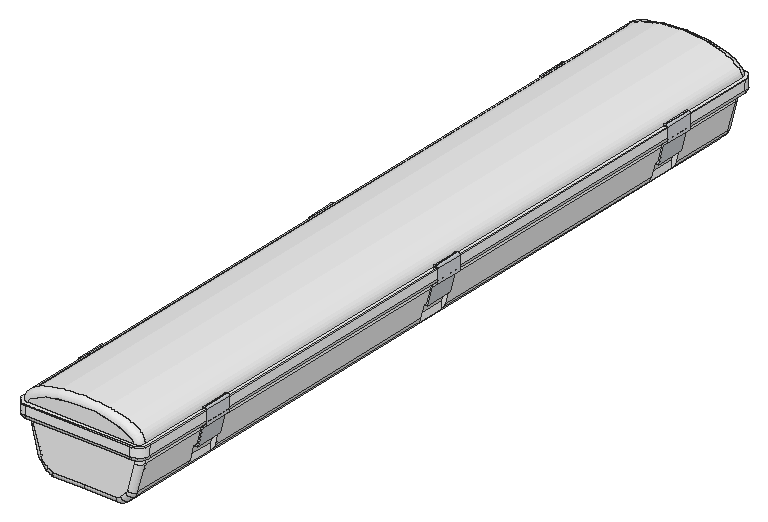
Revit family "0048735 Feilo Sylvania Lighting Fixture SYLPRF SUP LED G3 600MM T 4K QC", category Lighting Fixtures, host Face, Revit 2016
Family settings
  Host = Face
  Part Type = Normal
  Round Connector Dimension = Use Diameter
  OmniClass Number = 23.80.70.11.14
  OmniClass Title = General Luminaries, Directional
  Cut with Voids When Loaded = No
  Light Source = Yes
  Shared = No
  Room Calculation Point = No
Parameters (values of type "0048735 SYLPRF SUP LED G3 600MM T 4K QC  ")
  Width = 110 mm
  Weight = "1.18 kg"
  Wattage Comments = "n/a"
  Wattage = 19 W
  WarrantyStartDate [instance] = "n/a"
  WarrantyGuarantorParts = "n/a"
  WarrantyDurationUnit = "n/a"
  WarrantyDurationParts = "n/a"
  WarrantyDescription = "n/a"
  built-in parameter 1150110 = 1 (stored number, unit not read)
  Voltage = 230 V
  URL = "http://www.sylvania-lighting.com"
  TypeName = "SYLPRF SUP LED G3 600MM T 4K QC"
  Type Image = <None>
  Type Comments = "n/a"
  built-in parameter 1114217 = 1 (stored number, unit not read)
  Tilt Angle = -90.00°
  built-in parameter 1150109 = 1 (stored number, unit not read)
  built-in parameter 1150134 = 12
  built-in parameter 1150113 = 1 (stored number, unit not read)
  SerialNumber [instance] = "n/a"
  ReflectorMaterial = none
  PowerFactor = 0
  PowerConsumption = "19 W"
  Photometric Web File = "0048735.ies"
  NominalWidth = 0 mm
  NominalLength = 665 mm
  NominalHeight = 78 mm
  Name = "SYLPRF SUP LED G3 600MM T 4K QC"
  ModelReference = "SYLPRF SUP LED G3 600MM T 4K QC"
  ModelNumber = "0048735"
  Model = "SYLPRF SUP LED G3 600MM T 4K QC"
  Material = "grp housing, polycarbonate diffuser"
  ManufacturerName = "Feilo Sylvania"
  Manufacturer = "Feilo Sylvania"
  LuminousEfficacy = "140 lm/W"
  built-in parameter 1150105 = 211.68 (stored number, unit not read)
  Lumens = 2660 lm
  LuminaireType = ""
  built-in parameter 1150115 = 1 (stored number, unit not read)
  LightOutputRatio = "n/a"
  built-in parameter 1150137 = (empty or 0)
  built-in parameter 1150139 = (empty or 0)
  Length = 665 mm
  LampsType = Lamp  # "LED"
  LampNominalLuminous = "2700 lm"
  LampMacAdamStep = "3"
  LampColourTemperature = "4000 K"
  LampColourRenderingIndex = "80"
  built-in parameter 1150112 = 1 (stored number, unit not read)
  built-in parameter 1150114 = 1 (stored number, unit not read)
  Lamp = "LED"
  Keynote = "16500"
  InstallationDate [instance] = "n/a"
  InputVoltage = "220-240V~"
  InputNominalFrequency = "50/60 Hz"
  built-in parameter 1150132 = (empty or 0)
  built-in parameter 1150102 = (empty or 0)
  built-in parameter 1150107 = 4000 (stored number, unit not read)
  built-in parameter 1150138 = (empty or 0)
  IngressProtection = "IP65"
  ImpactProtectionIndex = "IK08"
  built-in parameter 1150106 = 2.1168 (stored number, unit not read)
  IfcExportType = "IfcLightFixtureType"
  IfcExportAs = "IfcLightFixtureType"
  ExpectedLife = 50000
  Emit from Rectangle Width = Width - 20 mm  # 90 mm
  Emit from Rectangle Length = Length - 20 mm  # 645 mm
  Emit Shape Visible in Rendering = no
  ElectricShockClassification = "Class I"
  built-in parameter 1150104 = 13.006 (stored number, unit not read)
  DurationUnit = "hours"
  DocumentationLiterature = "http://www.sylvania-lighting.com/product/en-int/products/0048735"
  DimmingControlOptions = "Non dimmable"
  Dimming Lamp Color Temperature Shift = <None>
  DiffuserMaterial = Diffuser-Sylvania-Transparent
  Description = "Sylproof Superia, integrated LED weatherproof luminaire with quick connector, with UV stabilized flat diffuser and linear prisms designed to achieve uniform lit appearance, optimise light output and to reduce glare, stainless steel diffuser clips and fixing brackets for surface and wall mounting. L 665 mm x W 110 mm x H 78 mm size, GRP housing, Polycarbonate diffuser, Non dimmable,   4000K, CRI80,  2700 lm, 19 W, 140 lm/W, nominal average life (h):50000, energy class: A++ A+ A Class I, IK08, IP65."
  Default Elevation = 1219.2 mm
  CreatedOn = "3/27/2018"
  CreatedBy = "aron.fodor@feilosylvania.com"
  Cost = 0
  Color Filter = 16777215
  built-in parameter 1114216 [instance] = (empty or 0)
  ClassificationValue = "EF_70_80"
  ClassificationName = "Uniclass2015"
  BracketOffset_FEILO = 360 mm
  BodyMaterial = Body-Sylvania-Gray
  BarCode [instance] = "n/a"
  built-in parameter 1114218 = 1 (stored number, unit not read)
  built-in parameter 1150133 = 10 (stored number, unit not read)
  AssetType = "Fixed"
  AssetIdentifier [instance] = "n/a"
  Assembly Code = "D5020200"
  Apparent Load = 19 VA
  AccessoryMaterial = Diffuser-Sylvania-Glow
Reference planes
  plane 1 "Center (Front/Back)": y = 0
  plane 2: z = 0
  plane 3 "Center (Left/Right)": x = 0
  plane 4: z = 54
  plane 5: x = -27.7
  plane 6: x = -34.8
  plane 7: x = -39.6
  plane 8: x = -42.2
  plane 9: z = 3
  plane 10: z = 7.8
  plane 11: z = 12.3
  plane 12: z = 36.6
  plane 13: z = 42.8
  plane 14: x = -51.1
  plane 15: z = 46.2
  plane 16: x = -55
  plane 17: y = 332.5
  plane 18: y = -332.5
  plane 19: x = 27.7
  plane 20: x = 34.8
  plane 21: x = 39.6
  plane 22: x = 42.2
  plane 23: x = 51.1
  plane 24: x = 55
  plane 25: y = 324.9
  plane 26: y = -324.9
  plane 27: y = -321.2
  plane 28: y = 321.2
  plane 29: z = 74
  plane 30: x = -51.5
  plane 31: x = 51.5
  plane 32: z = 55.2
  plane 33: y = -329
  plane 34: y = 329
  plane 35: x = -37.5
  plane 36: x = 37.5
  plane 37: x = -48.7
  plane 38: x = 48.7
  plane 39: x = 18
  plane 40: x = -18
  plane 41: z = 50.2
  plane 42: z = 24.6
  plane 43: y = 720
  plane 44: y = 706
  plane 45: y = 734
  plane 46: y = 250
  plane 47: y = 236
  plane 48: y = 264
  plane 49: y = 0
  plane 50: y = -14
  plane 51: y = 14
  plane 52: y = -250
  plane 53: y = -264
  plane 54: y = -236
Forms (mm)
  Sweep 1, solid, material "Body-Sylvania-Gray" <- "BodyMaterial", detail levels medium+fine
    path origin (1223.4, -4572, 54) x (0, -1, 0) y (1, 0, 0)
      loop
        arc (-4249.5, -1278.4) -> (-4242.429, -1275.471) -> (-4239.5, -1268.4) r 10
        line (-4239.5, -1268.4) -> (-4239.5, -1178.4)
        arc (-4239.5, -1178.4) -> (-4242.429, -1171.329) -> (-4249.5, -1168.4) r 10
        line (-4249.5, -1168.4) -> (-4894.5, -1168.4)
        arc (-4894.5, -1168.4) -> (-4901.571, -1171.329) -> (-4904.5, -1178.4) r 10
        line (-4904.5, -1178.4) -> (-4904.5, -1268.4)
        arc (-4904.5, -1268.4) -> (-4901.571, -1275.471) -> (-4894.5, -1278.4) r 10
        line (-4894.5, -1278.4) -> (-4249.5, -1278.4)
    profile origin (-55, 0, 54) x (-1, 0, 0) y (0, 0, 1)
      loop
        line (0, 0) -> (-1, 0) -> (-1, -7.726)
        arc (-1, -7.726) -> (-1.994, -9.498) -> (-3.9, -10.2) r 2.937
        line (-3.9, -10.2) -> (-8.571, -10.2) -> (-8.571, -11.2) -> (-3.9, -11.2)
        arc (-3.9, -11.2) -> (-1.313, -10.231) -> (0, -7.8) r 3.937
        line (0, -7.8) -> (0, 0)
  Sweep 2, solid, material "Body-Sylvania-Gray" <- "BodyMaterial", detail levels medium+fine
    path origin (0, 0, 0) x (1, 0, 0) y (0, 0, 1)
      loop
        line (48.7, 42.8) -> (48.7, 36.6) -> (42.203, 12.31)
        arc (42.203, 12.31) -> (41.199, 9.884) -> (39.6, 7.8) r 10.052
        line (39.6, 7.8) -> (34.8, 3)
        arc (34.8, 3) -> (31.554, 0.781) -> (27.7, 0) r 9.902
        line (27.7, 0) -> (0, 0) -> (-27.7, 0)
        arc (-27.7, 0) -> (-31.554, 0.781) -> (-34.8, 3) r 9.902
        line (-34.8, 3) -> (-39.6, 7.8)
        arc (-39.6, 7.8) -> (-41.199, 9.884) -> (-42.203, 12.31) r 10.052
        line (-42.203, 12.31) -> (-48.7, 36.6) -> (-48.7, 42.8)
    profile origin (0, 0, 0) x (0, 0, -1) y (0, -1, 0)
      loop
        arc (0, 319.9) -> (-1.464, 323.436) -> (-5, 324.9) r 5
        line (-5, 324.9) -> (-7.8, 324.9) -> (-7.8, -324.9) -> (-5, -324.9)
        arc (-5, -324.9) -> (-1.464, -323.436) -> (0, -319.9) r 5
        line (0, -319.9) -> (0, 319.9)
  Extrusion 3, solid, material "Body-Sylvania-Gray" <- "BodyMaterial", detail levels medium+fine
    sketch origin (1524, 324.9, 1219.2) x (1, 0, 0) y (0, 0, 1)
      loop
        arc (-1558.668, -1204.874) -> (-1558.443, -1205.418) -> (-1558.085, -1205.885) r 2.252
        line (-1558.085, -1205.885) -> (-1553.231, -1210.738)
        arc (-1553.231, -1210.738) -> (-1552.534, -1211.227) -> (-1551.7, -1211.4) r 2.102
        line (-1551.7, -1211.4) -> (-1496.3, -1211.4)
        arc (-1496.3, -1211.4) -> (-1495.466, -1211.227) -> (-1494.769, -1210.738) r 2.102
        line (-1494.769, -1210.738) -> (-1489.915, -1205.885)
        arc (-1489.915, -1205.885) -> (-1489.557, -1205.418) -> (-1489.332, -1204.874) r 2.252
        line (-1489.332, -1204.874) -> (-1483.1, -1181.575) -> (-1483.1, -1176.4) -> (-1564.9, -1176.4) -> (-1564.9, -1181.575) -> (-1558.668, -1204.874)
    from 0 to 649.8
  Sweep 4, solid, material "Diffuser-Sylvania-Transparent" <- "DiffuserMaterial", detail levels medium+fine
    path origin (0, 0, 0) x (1, 0, 0) y (0, 0, 1)
      loop
        spline (-51.5, 55.2) -> (-49.745, 60.066) -> (-44.6, 64.6) -> (-36.416, 68.494) -> (-25.75, 71.481) -> (-13.329, 73.359) -> (0, 74) -> (13.329, 73.359) -> (25.75, 71.481) -> (36.416, 68.494) -> (44.6, 64.6) -> (49.745, 60.066) -> (51.5, 55.2)
    profile origin (51.5, 0, 55.2) x (0, -1, 0) y (1, 0, 0)
      loop
        arc (329, -5.5) -> (327.389, -1.611) -> (323.5, 0) r 5.5
        line (323.5, 0) -> (-323.5, 0)
        arc (-323.5, 0) -> (-327.389, -1.611) -> (-329, -5.5) r 5.5
        line (-329, -5.5) -> (-329, -6.3) -> (-328, -6.3) -> (-328, -5.5)
        arc (-328, -5.5) -> (-326.682, -2.318) -> (-323.5, -1) r 4.5
        line (-323.5, -1) -> (323.5, -1)
        arc (323.5, -1) -> (326.682, -2.318) -> (328, -5.5) r 4.5
        line (328, -5.5) -> (328, -6.347) -> (329, -6.347) -> (329, -5.5)
  Extrusion 5, solid, material "Diffuser-Sylvania-Transparent" <- "DiffuserMaterial", detail levels medium+fine
    sketch origin (1524, -329, 1219.2) x (1, 0, 0) y (0, 0, 1)
      loop
        line (-1569.653, -1164) -> (-1478.347, -1164)
        spline (-1478.347, -1164) -> (-1478.969, -1162.594) -> (-1482.527, -1159.545) -> (-1489.588, -1156.201) -> (-1499.458, -1153.445) -> (-1511.242, -1151.663) -> (-1524, -1151.049) -> (-1536.758, -1151.663) -> (-1548.542, -1153.445) -> (-1558.412, -1156.201) -> (-1565.473, -1159.545) -> (-1569.031, -1162.594) -> (-1569.653, -1164)
    from 0 to -1
  Extrusion 6, solid, material "Diffuser-Sylvania-Transparent" <- "DiffuserMaterial", detail levels medium+fine
    sketch origin (1524, 329, 1219.2) x (1, 0, 0) y (0, 0, 1)
      loop
        spline (-1478.3, -1164) -> (-1478.931, -1162.565) -> (-1482.502, -1159.505) -> (-1489.572, -1156.155) -> (-1499.446, -1153.394) -> (-1511.236, -1151.614) -> (-1524, -1151.007) -> (-1536.764, -1151.614) -> (-1548.554, -1153.394) -> (-1558.428, -1156.155) -> (-1565.498, -1159.505) -> (-1569.069, -1162.565) -> (-1569.7, -1164)
        line (-1569.7, -1164) -> (-1478.3, -1164)
    from 0 to 1
  Extrusion 7, solid, material "Diffuser-Sylvania-Transparent" <- "DiffuserMaterial", detail levels medium+fine
    sketch origin (1223.4, -4572, 55.2) x (0, -1, 0) y (-1, 0, 0)
      loop
        arc (-4900, 1177.4) -> (-4898.682, 1174.218) -> (-4895.5, 1172.9) r 4.5
        line (-4895.5, 1172.9) -> (-4248.5, 1172.9)
        arc (-4248.5, 1172.9) -> (-4245.318, 1174.218) -> (-4244, 1177.4) r 4.5
        line (-4244, 1177.4) -> (-4244, 1269.4)
        arc (-4244, 1269.4) -> (-4245.318, 1272.582) -> (-4248.5, 1273.9) r 4.5
        line (-4248.5, 1273.9) -> (-4895.5, 1273.9)
        arc (-4895.5, 1273.9) -> (-4898.682, 1272.582) -> (-4900, 1269.4) r 4.5
        line (-4900, 1269.4) -> (-4900, 1177.4)
      loop
        line (-4904.5, 1268.4) -> (-4904.5, 1178.4)
        arc (-4904.5, 1178.4) -> (-4901.571, 1171.329) -> (-4894.5, 1168.4) r 10
        line (-4894.5, 1168.4) -> (-4249.5, 1168.4)
        arc (-4249.5, 1168.4) -> (-4242.429, 1171.329) -> (-4239.5, 1178.4) r 10
        line (-4239.5, 1178.4) -> (-4239.5, 1268.4)
        arc (-4239.5, 1268.4) -> (-4242.429, 1275.471) -> (-4249.5, 1278.4) r 10
        line (-4249.5, 1278.4) -> (-4894.5, 1278.4)
        arc (-4894.5, 1278.4) -> (-4901.571, 1275.471) -> (-4904.5, 1268.4) r 10
    from 0 to 1.2
  Extrusion 8, solid, material "Diffuser-Sylvania-Glow" <- "AccessoryMaterial", detail levels fine
    sketch origin (0, 0, 0) x (1, 0, 0) y (0, 0, 1)
      loop
        circle (-18, 50.2) r 8
      loop
        circle (18, 50.2) r 8
    from -321.2 to 321.2
  Extrusion 9, solid, material "Body-Sylvania-Gray" <- "BodyMaterial", detail levels coarse
    sketch origin (0, 0, 0) x (1, 0, 0) y (0, 0, 1)
      loop
        line (55, 42.8) -> (55, 55.2) -> (-55, 55.2) -> (-55, 42.791) -> (-42.2, 0) -> (42.2, 0) -> (55, 42.8)
    from -332.5 to 332.5
  Extrusion 10, solid, material "Diffuser-Sylvania-Transparent" <- "DiffuserMaterial", detail levels coarse
    sketch origin (0, 0, 0) x (1, 0, 0) y (0, 0, 1)
      loop
        arc (51.5, 55.2) -> (0, 74) -> (-51.5, 55.2) r 79.939
        line (-51.5, 55.2) -> (51.5, 55.2)
    from 324.9 to -324.9
  Extrusion 11, void, not visible
    sketch origin (0, 720, 2343.807) x (0, 0, -1) y (-1, 0, 0)
      loop
        line (2340.807, -37.5) -> (2331.507, -37.5) -> (2319.207, -42.2) -> (2319.207, -48.7) -> (2340.807, -48.7) -> (2340.807, -37.5)
      loop
        line (2340.807, 37.5) -> (2340.807, 48.7) -> (2319.207, 48.7) -> (2319.207, 42.2) -> (2331.507, 37.5) -> (2340.807, 37.5)
    from -14 to 14
  Extrusion 12, void
    sketch origin (0, 250, 2343.807) x (0, 0, -1) y (-1, 0, 0)
      loop
        line (2340.807, -37.5) -> (2331.507, -37.5) -> (2319.207, -42.2) -> (2319.207, -48.7) -> (2340.807, -48.7) -> (2340.807, -37.5)
      loop
        line (2340.807, 37.5) -> (2340.807, 48.7) -> (2319.207, 48.7) -> (2319.207, 42.2) -> (2331.507, 37.5) -> (2340.807, 37.5)
    from -14 to 14
  Extrusion 13, void
    sketch origin (0, 0, 2343.807) x (0, 0, -1) y (-1, 0, 0)
      loop
        line (2340.807, -37.5) -> (2331.507, -37.5) -> (2319.207, -42.2) -> (2319.207, -48.7) -> (2340.807, -48.7) -> (2340.807, -37.5)
      loop
        line (2340.807, 37.5) -> (2340.807, 48.7) -> (2319.207, 48.7) -> (2319.207, 42.2) -> (2331.507, 37.5) -> (2340.807, 37.5)
    from -14 to 14
  Extrusion 14, void
    sketch origin (0, -250, 2343.807) x (0, 0, -1) y (-1, 0, 0)
      loop
        line (2340.807, -37.5) -> (2331.507, -37.5) -> (2319.207, -42.2) -> (2319.207, -48.7) -> (2340.807, -48.7) -> (2340.807, -37.5)
      loop
        line (2340.807, 37.5) -> (2340.807, 48.7) -> (2319.207, 48.7) -> (2319.207, 42.2) -> (2331.507, 37.5) -> (2340.807, 37.5)
    from -14 to 14
Cuts and joins
  Extrusion 12, Extrusion 13, Extrusion 14 cuts Sweep 2
  Extrusion 12, Extrusion 13, Extrusion 14 cuts Extrusion 3
  joined: Sweep 2, Extrusion 3
  joined: Sweep 4, Extrusion 5, Extrusion 6
Dimensions and locks
  locked: plane 4 to plane 2 at 54
  plane 5 to plane 6 to plane 7 to plane 8 to plane 14 to plane 16 = 7.1 mm locked, 4.8 mm locked, 2.6 mm locked, 8.9 mm, 3.9 mm
  plane 4 to plane 15 to plane 13 to plane 12 to plane 11 to plane 10 to plane 9 = 7.8 mm locked, 3.4 mm, 6.2 mm locked, 24.3 mm locked, 4.5 mm locked, 4.8 mm locked
  equal spacing: plane 18, plane 1 "Center (Front/Back)", plane 17
  "Length": plane 18 to plane 17
  plane 19 to plane 20 to plane 21 to plane 22 to plane 23 to plane 24 = 7.1 mm locked, 4.8 mm locked, 2.6 mm locked, 8.9 mm, 3.9 mm
  equal spacing: plane 24, plane 3 "Center (Left/Right)", plane 16
  "Width": plane 24 to plane 16
  equal spacing: plane 27, plane 1 "Center (Front/Back)", plane 28
  locked: plane 26 to plane 27 at 3.7
  locked: Sweep 1 sketch curve to profile plane at 1
  locked: Sweep 1 sketch curve to plane 13 at 1
  locked: Sweep 1 sketch curve to plane 13 at 3.937  (x2)
  locked: Sweep 1 sketch curve to profile plane at 3.9  (x2)
  locked: plane 29 to plane 4 at 20
  equal spacing: plane 31, plane 3 "Center (Left/Right)", plane 30
  locked: plane 30 to plane 16 at 3.5
  locked: plane 32 to plane 4 at 1.2
  equal spacing: plane 33, plane 1 "Center (Front/Back)", plane 34
  equal spacing: plane 36, plane 3 "Center (Left/Right)", plane 35
  locked: plane 3 "Center (Left/Right)" to plane 35 at 37.5
  locked: plane 34 to plane 17 at 3.5
  equal spacing: plane 38, plane 3 "Center (Left/Right)", plane 37
  locked: plane 37 to plane 16 at 6.3
  equal spacing: plane 25, plane 1 "Center (Front/Back)", plane 26
  locked: plane 17 to plane 25 at 7.6
  locked: Sweep 2 sketch curve to plane 2 at 5  (x2)
  locked: Sweep 2 sketch curve to plane 26 at 5
  locked: plane 25 to Sweep 2 sketch curve at 5
  locked: Sweep 4 sketch curve to plane 31 at 5.5  (x2)
  locked: Sweep 4 sketch curve to plane 34 at 5.5
  plane 33 to Sweep 4 sketch curve = 5.5 mm
  locked: plane 34 to Sweep 4 sketch curve at 1
  locked: Sweep 4 sketch curve to plane 31 at 1
  locked: Sweep 4 sketch curve to Sweep 4 sketch curve at 1
  locked: Sweep 4 sketch curve to plane 31 at 6.347
  locked: Sweep 4 sketch curve to plane 31 at 6.3
  equal spacing: plane 39, plane 3 "Center (Left/Right)", plane 40
  locked: plane 3 "Center (Left/Right)" to plane 40 at 18
  locked: plane 42 to plane 2 at 24.6
  plane 45 to plane 43 to plane 44 = 14 mm locked, 14 mm locked
  plane 48 to plane 46 to plane 47 = 14 mm locked, 14 mm locked
  plane 51 to plane 49 to plane 50 = 14 mm locked, 14 mm locked
  plane 54 to plane 52 to plane 53 = 14 mm locked, 14 mm locked
  equal spacing: plane 46, plane 1 "Center (Front/Back)", plane 52
  locked: plane 46 to plane 1 "Center (Front/Back)" at 250
  aligned and locked: plane 2 to host face
  aligned and locked: level to host face
  aligned and locked: plane 16 to Sweep 1 sketch curve
  aligned and locked: Sweep 1 sketch curve to plane 24
  aligned and locked: plane 18 to Sweep 1 sketch curve
  aligned and locked: Sweep 1 sketch curve to plane 13
  aligned and locked: profile plane to Sweep 1 sketch curve
  aligned and locked: plane 3 "Center (Left/Right)" to Sweep 2 sketch curve
  aligned and locked: plane 9 to Sweep 2 sketch curve
  aligned and locked: plane 10 to Sweep 2 sketch curve
  aligned and locked: plane 37 to Sweep 2 sketch curve
  aligned and locked: plane 12 to Sweep 2 sketch curve
  aligned and locked: Sweep 2 sketch curve to level
  aligned and locked: plane 21 to Sweep 2 sketch curve
  aligned and locked: plane 38 to Sweep 2 sketch curve
  aligned and locked: profile plane to Sweep 2 sketch curve
  aligned and locked: plane 25 to Sweep 2 sketch curve
  aligned and locked: Sweep 2 sketch curve to plane 10
  aligned and locked: Extrusion 3 sketch curve to Sweep 2  (x7)
  aligned and locked: Sweep 2 to Extrusion 3 sketch curve
  aligned and locked: Extrusion 3 to plane 25
  aligned and locked: plane 26 to Extrusion 3
  aligned and locked: plane 32 to Sweep 4 sketch curve
  aligned and locked: plane 33 to Sweep 4 sketch curve
  aligned and locked: Sweep 4 to Extrusion 5
  aligned and locked: plane 33 to Extrusion 5
  aligned and locked: Extrusion 5 sketch curve to Sweep 4
  aligned and locked: cut or joined group of Sweep 4, Extrusion 5, Extrusion 6 to Extrusion 6 sketch curve
  aligned and locked: Extrusion 7 sketch curve to cut or joined group of Sweep 4, Extrusion 5, Extrusion 6  (x2)
  aligned and locked: cut or joined group of Sweep 4, Extrusion 5, Extrusion 6 to Extrusion 7 sketch curve  (x2)
  aligned and locked: plane 41 to Extrusion 8 sketch curve  (x2)
  aligned and locked: plane 39 to Extrusion 8 sketch curve
  aligned and locked: plane 27 to Extrusion 8
  aligned and locked: Extrusion 8 to plane 28
  aligned and locked: Extrusion 7 sketch curve to Sweep 1  (x4)
  aligned and locked: plane 4 to Extrusion 7
  aligned and locked: Extrusion 7 to plane 32
  aligned and locked: Extrusion 9 sketch curve to plane 24
  aligned and locked: Extrusion 9 sketch curve to Extrusion 7
  aligned and locked: plane 8 to Extrusion 9 sketch curve
  aligned and locked: plane 22 to Extrusion 9 sketch curve
  aligned and locked: level to Extrusion 9 sketch curve
  aligned and locked: Extrusion 9 to plane 17
  aligned and locked: plane 18 to Extrusion 9
  aligned and locked: cut or joined group of Sweep 4, Extrusion 5, Extrusion 6 to Extrusion 10 sketch curve
  aligned and locked: Extrusion 10 sketch curve to cut or joined group of Sweep 4, Extrusion 5, Extrusion 6  (x2)
  aligned and locked: plane 31 to Extrusion 10 sketch curve
  aligned and locked: plane 30 to Extrusion 10 sketch curve
  aligned and locked: plane 26 to Extrusion 10
  aligned and locked: Extrusion 10 to plane 25
  aligned and locked: imposter light to plane 29
  aligned and locked: plane 3 "Center (Left/Right)" to imposter light
  aligned and locked: plane 1 "Center (Front/Back)" to imposter light
  aligned and locked: plane 47 to Extrusion 12
  aligned and locked: Extrusion 12 to plane 48
  aligned and locked: plane 50 to Extrusion 13
  aligned and locked: Extrusion 13 to plane 51
  aligned and locked: plane 53 to Extrusion 14
  aligned and locked: Extrusion 14 to plane 54
  aligned and locked: nested 1 to plane 46
  aligned and locked: plane 46 to nested 6
  aligned and locked: nested 2 to plane 49
  aligned and locked: plane 49 to nested 5
  aligned and locked: nested 3 to plane 52
  aligned and locked: plane 52 to nested 4
  aligned and locked: plane 49 to plane 1 "Center (Front/Back)"
Automatic sketch dimensions
  host sketch curve to host sketch curve = 2438.4 mm  (x2)
  plane 17 to Sweep 1 sketch curve = 0 mm
  Sweep 1 sketch curve to plane 28 = 1.3 mm
  Sweep 1 sketch curve to plane 7 = 5.4 mm
  plane 27 to Sweep 1 sketch curve = 1.3 mm  (x2)
  Sweep 1 sketch curve to Sweep 1 sketch curve = 4.671 mm
  Sweep 1 sketch curve to plane 4 = 0 mm
  Sweep 2 sketch curve to plane 7 = 0 mm
  Sweep 2 sketch curve to plane 6 = 0 mm
  Sweep 2 sketch curve to plane 5 = 0 mm
  plane 19 to Sweep 2 sketch curve = 0 mm
  Sweep 2 sketch curve to plane 9 = 0 mm
  plane 20 to Sweep 2 sketch curve = 0 mm
  Sweep 2 sketch curve to plane 12 = 0 mm
  Sweep 2 sketch curve to plane 10 = 0 mm
  Sweep 2 sketch curve to plane 13 = 0 mm  (x2)
  Sweep 2 sketch curve to plane 8 = 0.003 mm
  plane 6 to Sweep 2 sketch curve = 2.308 mm
  plane 20 to Sweep 2 sketch curve = 2.308 mm
  Sweep 2 sketch curve to plane 22 = 0.003 mm
  Sweep 2 sketch curve to plane 11 = 0.01 mm  (x2)
  Extrusion 3 sketch curve to plane 5 = 0 mm
  plane 19 to Extrusion 3 sketch curve = 0 mm
  plane 6 to Extrusion 3 sketch curve = 0.132 mm
  plane 6 to Extrusion 3 sketch curve = 0.715 mm
  Extrusion 3 sketch curve to Extrusion 3 sketch curve = 1.592 mm
  Extrusion 3 sketch curve to plane 10 = 0.662 mm  (x2)
  plane 20 to Extrusion 3 sketch curve = 2.308 mm
  plane 20 to Extrusion 3 sketch curve = 0.715 mm
  plane 20 to Extrusion 3 sketch curve = 0.132 mm
  Sweep 4 sketch curve to plane 30 = 0 mm
  Sweep 4 sketch curve to plane 3 "Center (Left/Right)" = 0 mm
  Sweep 4 sketch curve to Sweep 4 sketch curve = 0 mm  (x2)
  plane 37 to Extrusion 5 sketch curve = 3.047 mm
  Extrusion 5 sketch curve to plane 38 = 3.047 mm
  plane 37 to Extrusion 6 sketch curve = 3 mm
  Extrusion 6 sketch curve to plane 38 = 3 mm
  plane 25 to Extrusion 7 sketch curve = 1.4 mm  (x2)
  Extrusion 7 sketch curve to plane 26 = 1.4 mm  (x2)
  Extrusion 8 sketch curve to plane 40 = 0 mm
  Extrusion 9 sketch curve to plane 13 = 0 mm
  plane 13 to Extrusion 9 sketch curve = 0.009 mm
  Extrusion 10 sketch curve to level = 5.939 mm
  Extrusion 9 sketch curve to plane 16 = 0 mm
  Extrusion 11 sketch curve to Extrusion 11 sketch curve = 0 mm
  Extrusion 11 sketch curve to Extrusion 11 sketch curve = 12.3 mm  (x2)
  Extrusion 11 sketch curve to Extrusion 11 sketch curve = 9.3 mm  (x2)
  Extrusion 11 sketch curve to Extrusion 11 sketch curve = 6.5 mm
  Extrusion 11 sketch curve to Extrusion 11 sketch curve = 4.7 mm  (x2)
  Extrusion 11 sketch curve to Extrusion 11 sketch curve = 75 mm
  Extrusion 11 sketch curve to Extrusion 11 sketch curve = 11.2 mm
  Extrusion 12 sketch curve to Extrusion 12 sketch curve = 0 mm
  Extrusion 12 sketch curve to Extrusion 12 sketch curve = 12.3 mm  (x2)
  Extrusion 12 sketch curve to Extrusion 12 sketch curve = 9.3 mm  (x2)
  Extrusion 12 sketch curve to Extrusion 12 sketch curve = 6.5 mm
  Extrusion 12 sketch curve to Extrusion 12 sketch curve = 4.7 mm  (x2)
  Extrusion 12 sketch curve to Extrusion 12 sketch curve = 75 mm
  Extrusion 12 sketch curve to Extrusion 12 sketch curve = 11.2 mm
  Extrusion 13 sketch curve to Extrusion 13 sketch curve = 0 mm
  Extrusion 13 sketch curve to Extrusion 13 sketch curve = 12.3 mm  (x2)
  Extrusion 13 sketch curve to Extrusion 13 sketch curve = 9.3 mm  (x2)
  Extrusion 13 sketch curve to Extrusion 13 sketch curve = 6.5 mm
  Extrusion 13 sketch curve to Extrusion 13 sketch curve = 4.7 mm  (x2)
  Extrusion 13 sketch curve to Extrusion 13 sketch curve = 75 mm
  Extrusion 13 sketch curve to Extrusion 13 sketch curve = 11.2 mm
  Extrusion 14 sketch curve to Extrusion 14 sketch curve = 0 mm
  Extrusion 14 sketch curve to Extrusion 14 sketch curve = 12.3 mm  (x2)
  Extrusion 14 sketch curve to Extrusion 14 sketch curve = 9.3 mm  (x2)
  Extrusion 14 sketch curve to Extrusion 14 sketch curve = 6.5 mm
  Extrusion 14 sketch curve to Extrusion 14 sketch curve = 4.7 mm  (x2)
  Extrusion 14 sketch curve to Extrusion 14 sketch curve = 75 mm
  Extrusion 14 sketch curve to Extrusion 14 sketch curve = 11.2 mm
  radius of Extrusion 8 sketch curve = 8 mm  (x2)
Nested families
  nested 1: "Clip" at (-42.2, 250, 24.6) x (-1, 0, 0) z (0, 0, 1), type "Clip", detail levels fine
  nested 2: "Clip" at (-42.2, 0, 24.6) x (-1, 0, 0) z (0, 0, 1), type "Clip", detail levels fine
  nested 3: "Clip" at (-42.2, -250, 24.6) x (-1, 0, 0) z (0, 0, 1), type "Clip", detail levels fine
  nested 4: "Clip" at (42.2, -250, 24.6), type "Clip", detail levels fine
  nested 5: "Clip" at (42.2, 0, 24.6), type "Clip", detail levels fine
  nested 6: "Clip" at (42.2, 250, 24.6), type "Clip", detail levels fine
Connectors
  electrical at (0, 0, 0), driven by "Apparent Load"
    settings: index 1, voltage 230 V, apparent load 19 VA, apparent load phase1 0 VA, apparent load phase2 0 VA, apparent load phase3 0 VA, power factor 0, load classification "Lighting", number of poles 1, system type 30, power factor state 1, is connector primary yes, connector utility no, sub classification motor no, connector description ""
Definition of nested family "Clip"
  Parameters (values of type "Clip")
    URL = "http://www.feilosylvania.com"
    Type Comments = "n/a"
    Model = "n/a"
    Manufacturer = "Feilo Sylvania"
    Keynote = "n/a"
    Description = "n/a"
    Default Elevation = 1219.2 mm
    Cost = 0
    BodyMaterial = none
    Assembly Code = "n/a"
  Reference planes
    plane 1 "Center (Front/Back)": y = 0
    plane 2: z = 0
    plane 3 "Center (Left/Right)": x = 0
    plane 4: x = 3.3
    plane 5: x = 6.5
    plane 6: x = 8.9
    plane 7: x = 12.8
    plane 8: z = 12
    plane 9: z = 18.2
    plane 10: z = 21.6
    plane 11: z = 30.6
    plane 12: x = 9.3
    plane 13: z = 19.2
    plane 14: z = 16.2
    plane 15: x = 10.1
    plane 16: y = 12
    plane 17: y = -12
  Forms (mm)
    Extrusion 1, solid
      sketch origin (-0.8, 0, 0) x (1, 0, 0) y (0, 1, 0)
        loop
          line (-1219.2, 1219.2) -> (-1219.2, -1219.2) -> (1219.2, -1219.2) -> (1219.2, 1219.2) -> (-1219.2, 1219.2)
      from 0 to -304.8
    Extrusion 2, solid
      sketch origin (0, 0, 0) x (1, 0, 0) y (0, 0, 1)
        loop
          line (8.9, 16.2) -> (4.58, 0) -> (0, 0) -> (0, -0.8) -> (5.195, -0.8) -> (9.603, 15.731) -> (13.6, 18.806) -> (13.6, 30.6)
          arc (13.6, 30.6) -> (11.45, 32.75) -> (9.3, 30.6) r 2.15
          line (9.3, 30.6) -> (10.1, 30.6)
          arc (10.1, 30.6) -> (11.45, 31.95) -> (12.8, 30.6) r 1.35
          line (12.8, 30.6) -> (12.8, 19.2) -> (8.9, 16.2)
      from -12 to 12
  Lines and regions (mm)
    reference lines
      curve 1: line (3.3, 0, 0) -> (6.5, 0, 12)
      curve 2: arc (8.9, 0, 18.2) -> (11.488, 0, 19.169) -> (12.8, 0, 21.6) r 3.934
  Dimensions and locks
    plane 7 to plane 6 to plane 5 to plane 4 to plane 3 "Center (Left/Right)" = 3.9 mm locked, 2.4 mm locked, 3.2 mm locked, 3.3 mm locked
    plane 11 to plane 10 to plane 9 to plane 8 to plane 2 = 9 mm locked, 3.4 mm locked, 6.2 mm locked, 12 mm locked
    locked: plane 7 to plane 12 at 3.5
    locked: plane 13 to plane 9 at 1
    locked: plane 9 to plane 14 at 2
    locked: plane 15 to plane 12 at 0.8
    locked: plane 2 to Extrusion 2 sketch curve at 0.8
    locked: Extrusion 2 sketch curve to Extrusion 2 sketch curve at 0.8  (x3)
    locked: plane 7 to Extrusion 2 sketch curve at 1.35
    equal spacing: plane 17, plane 1 "Center (Front/Back)", plane 16
    locked: plane 1 "Center (Front/Back)" to plane 16 at 12
    aligned and locked: plane 2 to Extrusion 1
    aligned and locked: level to Extrusion 1
    aligned and locked: plane 4 to curve 1
    aligned and locked: plane 5 to curve 1
    aligned and locked: plane 6 to curve 2
    aligned and locked: plane 10 to curve 2
    aligned and locked: plane 14 to Extrusion 2 sketch curve
    aligned and locked: plane 13 to Extrusion 2 sketch curve
    aligned and locked: plane 7 to Extrusion 2 sketch curve
    aligned and locked: plane 3 "Center (Left/Right)" to Extrusion 2 sketch curve
    aligned and locked: Extrusion 2 sketch curve to level
    aligned and locked: Extrusion 2 sketch curve to plane 11
    aligned and locked: plane 11 to Extrusion 2 sketch curve
    aligned and locked: Extrusion 2 to plane 16
    aligned and locked: plane 17 to Extrusion 2
  Automatic sketch dimensions
    Extrusion 1 sketch curve to Extrusion 1 sketch curve = 2438.4 mm  (x2)
    curve 2 to plane 7 = 0 mm
    curve 1 to level = 0 mm
    curve 1 to plane 8 = 0 mm
    curve 2 to plane 9 = 0 mm
    plane 6 to curve 2 = 0.002 mm
    Extrusion 2 sketch curve to Extrusion 2 sketch curve = 0 mm
    Extrusion 2 sketch curve to plane 6 = 0 mm
    plane 4 to Extrusion 2 sketch curve = 1.28 mm
